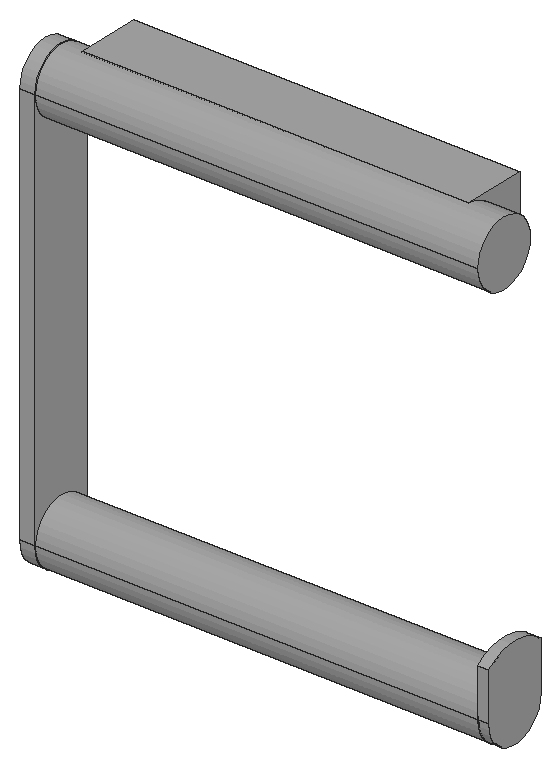
Revit family "KEUCO_14962010000_", category Specialty Equipment, Revit 2016
Family settings
  Part Type = Normal
  Round Connector Dimension = Use Diameter
  Work Plane-Based = No
  Always vertical = Yes
  Cut with Voids When Loaded = No
  Shared = No
  Room Calculation Point = No
Parameters (values of type "14962170000")
  Verwendung = "GWC / WC"  # constant formula
  Preisgruppe = "1"  # constant formula
  Kategorie = "ACC"  # constant formula
  Gewicht = 382
  Breite = 129 mm
  URL = "https://www.keuco.com/de/produkte/sortiment/artikel/?pid=14962&oid=3&pgo=14&country=de&lang=de&vid=14962170000"
  Serie = "Plan"  # constant formula
  Material Papierhalter [instance] = Verchromt
  Materialien bei Hersteller anfragen = "Anfrage zu:  objektmanagement@keuco.de"
  Manufacturer = "KEUCO"  # constant formula
  Description = "kleine Ausführung"
  Ausschreibungstext = "KEUCO PLAN Handtuchring 14922170000\r\nHandtuchring aus \r\nelegantem silber-eloxierten Aluminium (E6 EV1)/verchromt, \r\nin ästhetischem, funktionalem Design\r\nkleine Ausführung, offene, rechteckige Form\r\nRing schwenkbar, antistatisch, leicht zu reinigen\r\nDie Wandhalterung ist als Design-Element hochglanzverchromt\r\nBreite 179 mm, Höhe 105 mm\r\nDer Handtuchring wird verdeckt angebracht\r\nLieferung inkl. korrosionsfreiem Befestigungsmaterial"
  Artikelnummer = "14922170000"
Types (4, lengths in mm): name | URL | Material Papierhalter | Ausschreibungstext | Artikelnummer
  (no name) | "https://www.keuco.com/de/produkte/sortiment/artikel/?pid=14962&oid=3&pgo=14&country=de&lang=de&vid=14962170000" | Verchromt | "KEUCO PLAN Handtuchring 14922170000\r\nHandtuchring aus \r\nelegantem silber-eloxierten Aluminium (E6 EV1)/verchromt, \r\nin ästhetischem, funktionalem Design\r\nkleine Ausführung, offene, rechteckige Form\r\nRing schwenkbar, antistatisch, leicht zu reinigen\r\nDie Wandhalterung ist als Design-Element hochglanzverchromt\r\nBreite 179 mm, Höhe 105 mm\r\nDer Handtuchring wird verdeckt angebracht\r\nLieferung inkl. korrosionsfreiem Befestigungsmaterial" | "14922170000"
  14962010000 | "https://www.keuco.com/de/produkte/sortiment/artikel/?pid=14962&oid=3&pgo=14&country=de&lang=de&vid=14962010000" | Verchromt | "KEUCO PLAN Handtuchring 14922010000\r\nHochglanzverchromter Handtuchring \r\nin ästhetischem, funktionalem Design\r\nkleine Ausführung, offene, rechteckige Form\r\nRing schwenkbar, antistatisch, leicht zu reinigen\r\nBreite 179 mm, Höhe 105 mm\r\nDer Handtuchring wird verdeckt angebracht\r\nLieferung inkl. korrosionsfreiem Befestigungsmaterial" | "14922010000"
  14962070000 | "https://www.keuco.com/de/produkte/sortiment/artikel/?pid=14962&oid=3&pgo=14&country=de&lang=de&vid=14962070000" | Edelstahl | "KEUCO PLAN Handtuchring 14922070000\r\nHandtuchring aus hochwertigem Edelstahl \r\nin ästhetischem, funktionalem Design\r\nkleine Ausführung, offene, rechteckige Form\r\nRing schwenkbar, antistatisch, leicht zu reinigen\r\nBreite 179 mm, Höhe 105 mm\r\nDer Handtuchring wird verdeckt angebracht\r\nLieferung inkl. korrosionsfreiem Befestigungsmaterial" | "14922070000"
  14962170000 | "https://www.keuco.com/de/produkte/sortiment/artikel/?pid=14962&oid=3&pgo=14&country=de&lang=de&vid=14962170000" | Verchromt | "KEUCO PLAN Handtuchring 14922170000\r\nHandtuchring aus \r\nelegantem silber-eloxierten Aluminium (E6 EV1)/verchromt, \r\nin ästhetischem, funktionalem Design\r\nkleine Ausführung, offene, rechteckige Form\r\nRing schwenkbar, antistatisch, leicht zu reinigen\r\nDie Wandhalterung ist als Design-Element hochglanzverchromt\r\nBreite 179 mm, Höhe 105 mm\r\nDer Handtuchring wird verdeckt angebracht\r\nLieferung inkl. korrosionsfreiem Befestigungsmaterial" | "14922170000"
Reference planes
  plane 1 "Center (Front/Back)": y = 0
  plane 2: z = 0
  plane 3 "Center (Left/Right)": x = 0
  plane 4: y = -27.061
  plane 5: z = -132
  plane 6: x = -64.5
  plane 7: x = 64.5
  plane 8: z = -18.281
  plane 9: x = -54.273
  plane 10: x = 54.5
  plane 11: x = 67.5
Forms (mm)
  Extrusion 1, solid, material "Verchromt" <- "Material Papierhalter"
    sketch origin (0, 0, 0) x (0, 1, 0) y (0, 0, 1)
      loop
        line (0, -18.281) -> (0, 0) -> (-18.125, 0)
        arc (-18.125, 0) -> (-8.984, -9.141) -> (-18.125, -18.281) r 9.141
        line (-18.125, -18.281) -> (0, -18.281)
    from -54.273 to 54.5
  Extrusion 2, solid, material "Verchromt" <- "Material Papierhalter"
    sketch origin (0, 0, 0) x (0, 1, 0) y (0, 0, 1)
      loop
        circle (-18.125, -9.141) r 9.141
    from -60.244 to 64.5
  Extrusion 3, solid, material "Verchromt" <- "Material Papierhalter"
    sketch origin (0, 0, -86.858) x (0, 1, 0) y (0, 0, 1)
      loop
        circle (-18.125, -36.002) r 9.141
    from -60.244 to 64.5
  Extrusion 4, solid, material "Verchromt" <- "Material Papierhalter"
    sketch origin (0, 0, 0) x (0, 1, 0) y (0, 0, 1)
      loop
        arc (-8.984, -9.141) -> (-18.125, 0) -> (-27.266, -9.141) r 9.141
        line (-27.266, -9.141) -> (-27.266, -122.859)
        arc (-27.266, -122.859) -> (-18.125, -132) -> (-8.984, -122.859) r 9.141
        line (-8.984, -122.859) -> (-8.984, -9.141)
    from -64.5 to -60.244
  Extrusion 5, solid, material "Verchromt" <- "Material Papierhalter"
    sketch origin (-2.5, 0, 0) x (0, 1, 0) y (0, 0, -1)
      loop
        line (-8.984, 109.103) -> (-8.984, 122.859)
        arc (-8.984, 122.859) -> (-18.125, 132) -> (-27.266, 122.859) r 9.141
        line (-27.266, 122.859) -> (-27.266, 109.103)
        arc (-27.266, 109.103) -> (-18.125, 105.876) -> (-8.984, 109.103) r 14.559
    from -70 to -67
Lines and regions (mm)
  symbolic lines
    curve 1: line (-54.273, 0, 0) -> (54.5, 0, 0)
    curve 2: line (54.5, 0, 0) -> (54.5, -8.984, 0)
    curve 3: line (-64.5, -8.984, 0) -> (64.5, -8.984, 0)
    curve 4: line (64.5, -8.984, 0) -> (64.5, -27.266, 0)
    curve 5: line (64.5, -27.266, 0) -> (-64.5, -27.266, 0)
    curve 6: line (-64.5, -27.266, 0) -> (-64.5, -8.984, 0)
    curve 7: line (-54.273, -8.984, 0) -> (-54.273, 0, 0)
Dimensions and locks
  locked: plane 4 to plane 1 "Center (Front/Back)" at 27.061
  plane 2 to plane 5 = 132 mm
  equal spacing: plane 6, plane 3 "Center (Left/Right)", plane 7
  "Breite": plane 6 to plane 7
  level to plane 8 = 18.281 mm
  locked: plane 7 to plane 10 at 10
  locked: plane 9 to plane 6 at 10.227
  locked: Extrusion 4 to Extrusion 4 at 4.256
  Extrusion 5 to Extrusion 5 = 3 mm
  Extrusion 5 to Extrusion 1 = 13 mm
  plane 11 to plane 6 = 132 mm
  aligned and locked: level to plane 2
  aligned and locked: Extrusion 1 to plane 9
  aligned and locked: plane 10 to Extrusion 1
  aligned and locked: Extrusion 4 to plane 6
  aligned and locked: Extrusion 2 to Extrusion 4
  aligned and locked: Extrusion 2 to Extrusion 3
  aligned and locked: Extrusion 3 to Extrusion 4
  aligned and locked: plane 9 to Extrusion 1
  aligned and locked: Extrusion 1 to plane 10
  aligned and locked: plane 11 to Extrusion 5
  aligned and locked: plane 7 to Extrusion 2
  aligned and locked: Extrusion 5 to plane 7
  aligned and locked: plane 7 to Extrusion 3
Automatic sketch dimensions
  curve 3 to plane 6 = 0 mm
  curve 7 to plane 9 = 0 mm
  plane 1 "Center (Front/Back)" to curve 2 = 0 mm
  curve 2 to plane 10 = 0 mm
  curve 3 to plane 7 = 0 mm
  plane 1 "Center (Front/Back)" to curve 3 = 8.984 mm
  curve 5 to plane 4 = 0.205 mm
  Extrusion 1 sketch curve to plane 8 = 0 mm  (x2)
  Extrusion 1 sketch curve to level = 0 mm  (x2)
  Extrusion 1 sketch curve to plane 1 "Center (Front/Back)" = 0 mm
  plane 4 to Extrusion 1 sketch curve = 8.936 mm
  Extrusion 1 sketch curve to Extrusion 1 sketch curve = 0 mm  (x2)
  plane 4 to Extrusion 2 sketch curve = 8.936 mm
  Extrusion 2 sketch curve to level = 9.141 mm
  plane 4 to Extrusion 3 sketch curve = 8.936 mm
  plane 5 to Extrusion 3 sketch curve = 9.141 mm
  Extrusion 4 sketch curve to plane 4 = 0.205 mm
  plane 4 to Extrusion 4 sketch curve = 8.936 mm
  plane 5 to Extrusion 4 sketch curve = 9.141 mm
  Extrusion 4 sketch curve to level = 9.141 mm
  Extrusion 5 sketch curve to plane 4 = 0.205 mm
  plane 4 to Extrusion 5 sketch curve = 8.936 mm
  Extrusion 5 sketch curve to Extrusion 5 sketch curve = 0 mm
  plane 5 to Extrusion 5 sketch curve = 11.565 mm
  Extrusion 5 sketch curve to Extrusion 5 sketch curve = 2.424 mm
  Extrusion 5 sketch curve to Extrusion 5 sketch curve = 13.756 mm
  radius of Extrusion 2 sketch curve = 9.141 mm
  radius of Extrusion 3 sketch curve = 9.141 mm
